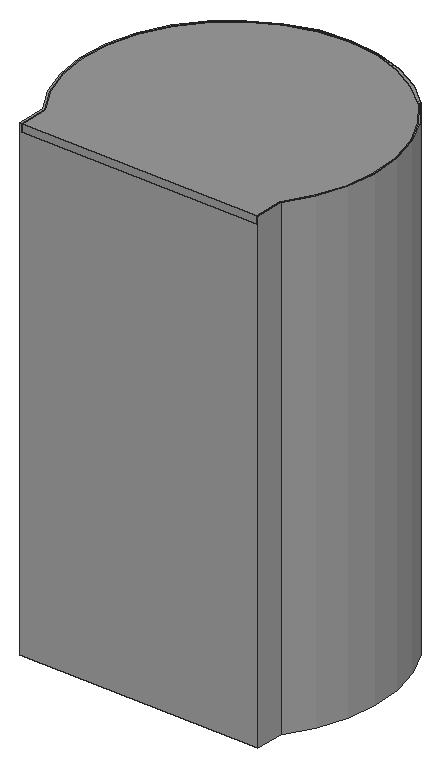
Revit family "3006 Björk Handdryer", category Furniture Systems, host Wall, Revit 2018
Family settings
  Host = Wall
  Round Connector Dimension = Use Diameter
  Part Type = Normal
  Always vertical = Yes
  Cut with Voids When Loaded = No
  Shared = No
  Room Calculation Point = No
Parameters (values of type "GEO WHITE")
  URL = "http://www.dandryer.com/en-gb/products/-handdryers/3006-bjork-hand-dryer--matt-black"
  Type Image = <None>
  Surface Top = GEO WHITE
  Surface Front = Mat Sort
  Model = "Björk-3006"
  Manufacturer = "Dan Dryer"
  Description = "Touch-free hand dryer"
  Cost = 0
Types (6, lengths in mm): name | URL | Surface Top
  BIRK | "http://www.dandryer.dk/da-dk/produkter/produktserie-%E2%80%93-bjork/3006-bjork-haandtoerrer--mat-sort" | BIRK
  GEO WHITE | "http://www.dandryer.com/en-gb/products/-handdryers/3006-bjork-hand-dryer--matt-black" | GEO WHITE
  GRIGIO LONDRA | "http://www.dandryer.dk/da-dk/produkter/produktserie-%E2%80%93-bjork/3006-bjork-haandtoerrer--mat-sort" | GRIGIO LONDRA
  NEGRO INGO | "http://www.dandryer.dk/da-dk/produkter/produktserie-%E2%80%93-bjork/3006-bjork-haandtoerrer--mat-sort" | NEGRO INGO
  OSLO | "http://www.dandryer.dk/da-dk/produkter/produktserie-%E2%80%93-bjork/3006-bjork-haandtoerrer--mat-sort" | OSLO
  BIANCO MALE | "http://www.dandryer.dk/da-dk/produkter/produktserie-%E2%80%93-bjork/3006-bjork-haandtoerrer--mat-sort" | BIANCO MALE
Reference planes
  plane 1 "Wall": y = 0
  plane 2 "Center (Left/Right)": x = 125
  plane 3 "Back": y = 75
Forms (mm)
  Extrusion 1, solid, material "Blank Hvid", not visible
    sketch origin (0, 0, 0) x (1, 0, 0) y (0, 1, 0)
      loop
        arc (42.212, 95.366) -> (42.426, 94.946) -> (42.5, 94.481) r 1.5
        line (42.5, 94.481) -> (42.5, 75.3) -> (43.7, 75.3) -> (43.7, 94.481)
        arc (43.7, 94.481) -> (43.567, 95.318) -> (43.181, 96.073) r 2.7
        arc (43.181, 96.073) -> (125, 257.1) -> (206.819, 96.073) r 101.3
        arc (206.819, 96.073) -> (206.433, 95.318) -> (206.3, 94.481) r 2.7
        line (206.3, 94.481) -> (206.3, 75.3) -> (207.5, 75.3) -> (207.5, 94.481)
        arc (207.5, 94.481) -> (207.574, 94.946) -> (207.788, 95.366) r 1.5
        arc (207.788, 95.366) -> (125, 258.3) -> (42.212, 95.366) r 102.5
    from 900 to 1230
  Extrusion 2, void, not visible
    sketch origin (207.5, 94.481, 0) x (0, 1, 0) y (0, 0, -1)
      loop
        line (-19.181, -1225) -> (-19.181, -1230) -> (6.154, -1230)
        arc (6.154, -1230) -> (3.068, -1228.36) -> (2.105, -1225) r 4.47
        line (2.105, -1225) -> (-19.181, -1225)
    from -10.952 to 170.161
  Extrusion 3, void, not visible
    sketch origin (207.5, 94.481, 2130) x (0, 1, 0) y (0, 0, -1)
      loop
        line (-19.181, 1225) -> (2.105, 1225)
        arc (2.105, 1225) -> (3.068, 1228.36) -> (6.154, 1230) r 4.47
        line (6.154, 1230) -> (-19.181, 1230) -> (-19.181, 1225)
    from -6 to 179.451
  Extrusion 4, solid, not visible
    sketch origin (207.5, 75.3, 907) x (0, 1, 0) y (-1, 0, 0)
      loop
        line (0, 163.8) -> (0, 1.2) -> (19.181, 1.2)
        arc (19.181, 1.2) -> (20.018, 1.067) -> (20.773, 0.681) r 2.7
        arc (20.773, 0.681) -> (181.8, 82.5) -> (20.773, 164.319) r 101.3
        arc (20.773, 164.319) -> (20.018, 163.933) -> (19.181, 163.8) r 2.7
        line (19.181, 163.8) -> (0, 163.8)
    from 0 to -2
  Extrusion 5, void, not visible
    sketch origin (206.3, 75.3, 0) x (-1, 0, 0) y (0, 0, 1)
      loop
        arc (83.312, 976) -> (81.303, 978.014) -> (79.288, 976) r 2.012
        line (79.288, 976) -> (79.285, 930)
        arc (79.285, 930) -> (81.297, 927.986) -> (83.312, 930) r 2.012
        line (83.312, 930) -> (83.312, 976)
    from 174.915 to 189.234
  Extrusion 6, solid, not visible
    sketch origin (206.3, 75.3, 0) x (1, 0, 0) y (0, 0, 1)
      loop
        line (-83.312, 975.984) -> (-83.312, 930)
        arc (-83.312, 930) -> (-81.291, 928.118) -> (-79.287, 930.016) r 2.015
        line (-79.287, 930.016) -> (-79.288, 976)
        arc (-79.288, 976) -> (-81.309, 977.882) -> (-83.312, 975.984) r 2.015
    from -182.98 to -174.915
  Extrusion 7, solid, material "Mat Sort", not visible
    sketch origin (0, 0, 0) x (1, 0, 0) y (0, 1, 0)
      loop
        arc (42.212, 95.366) -> (42.426, 94.946) -> (42.5, 94.481) r 1.5
        line (42.5, 94.481) -> (42.5, 75.3) -> (43.7, 75.3) -> (43.7, 94.481)
        arc (43.7, 94.481) -> (43.567, 95.318) -> (43.181, 96.073) r 2.7
        arc (43.181, 96.073) -> (125, 257.1) -> (206.819, 96.073) r 101.3
        arc (206.819, 96.073) -> (206.433, 95.318) -> (206.3, 94.481) r 2.7
        line (206.3, 94.481) -> (206.3, 75.3) -> (207.5, 75.3) -> (207.5, 94.481)
        arc (207.5, 94.481) -> (207.574, 94.946) -> (207.788, 95.366) r 1.5
        arc (207.788, 95.366) -> (125, 258.3) -> (42.212, 95.366) r 102.5
    from 900 to 1230
Text (mm)
  text "Placement Side" at (-1848.837, 1116.779, 0), in view "Ref. Level"
  text "Placement side" at (0, 1409.804, 2854.306), in view "Left"
  text "Placement side" at (0, 499.811, 2980.732), in view "Right"
Dimensions and locks
  locked: plane 3 "Back" to host wall
  aligned and locked: plane 1 "Wall" to host wall
  aligned and locked: plane 3 "Back" to nested 1  (x2)
Nested families
  nested 1: "Master Handdryer" at (125, 75, 1100), type "Master Handdryer"
Definition of nested family "Master Handdryer"
  Parameters (values of type "Master Handdryer")
    Surface Top = none
    Surface Front = none
  Reference planes
    plane 1 "Center (Front/Back)": y = 0
    plane 2: z = 0
    plane 3 "Center (Left/Right)": x = 0
  Forms (mm)
    Extrusion 1, solid, material <- "Surface Front"
      sketch origin (0, 0, 0) x (1, 0, 0) y (0, 1, 0)
        loop
          arc (82.5, 19.672) -> (0, 183) -> (-82.5, 19.672) r 102.5
          line (-82.5, 19.672) -> (-82.5, 0) -> (82.5, 0) -> (82.5, 19.672)
      from 0 to 330
    Extrusion 2, solid, material <- "Surface Top"
      sketch origin (0, 0, 330) x (1, 0, 0) y (0, 1, 0)
        loop
          arc (81.3, 20.068) -> (0, 181.8) -> (-81.3, 20.068) r 101.3
          line (-81.3, 20.068) -> (-81.3, 0) -> (81.3, 0) -> (81.3, 20.068)
      from 0 to -5
    Extrusion 3, void
      sketch origin (0, 0, 0) x (1, 0, 0) y (0, 1, 0)
        loop
          line (-81.3, 0) -> (81.3, 0) -> (81.3, 20.068)
          arc (81.3, 20.068) -> (0, 181.8) -> (-81.3, 20.068) r 101.3
          line (-81.3, 20.068) -> (-81.3, 0)
      from 325 to 330
  Cuts and joins
    Extrusion 3 cuts Extrusion 1
  Dimensions and locks
    aligned and locked: level to plane 2
